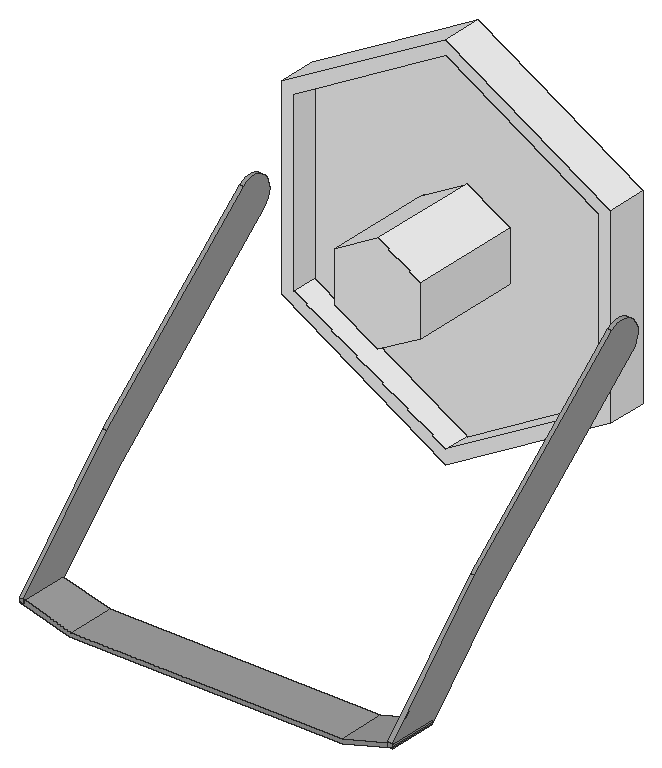
Revit family "Lighting-Floodlights-GEWISS-ESALITE-FL-LED_16K_DALI", category Apparecchi per illuminazione, host Superficie, Revit 2019 (continued)
Types (12, lengths in mm): name | Versions | Technical sheet | Optic | Numero poli | Nominal flux (lm) | built-in parameter 1150142 | Modello | Lumen output (lm) | IDT | File diagramma fotometrico | Descrizione | Colour temperature:
  GWS6435GD - ESALITE 16K ELL.4000K PRO+V.GR.DALI | "4000K natural light" | "https://www.gewiss.com/ww/en/search?q=GWS6435GD" | "Elliptical" | 1 | "17000" | "IESNA:LM-63-2002\r\n[TEST] GWS6435GD\r\n[TESTLAB] GEWISS\r\n[TESTDATE] 31 Aug 2018\r\n[ISSUEDATE] 31 Aug 2018\r\n[MANUFAC] GEWISS\r\n[LUMCAT] GWS6435GD\r\n[LUMINAIRE] ESALITE FL 16K+GLAS ELL. GR. DALI LED840\r\n[FLASHAREA] 0.030706\r\n[LAMPCAT] LED 125W/4000K - 13600lm\r\n[LAMP] LED 125W/4000K - 13600lm\r\nTILT=NONE\r\n1 13600.00 1.0 46 19 1 2 -0.402 -0.402 0.000\r\n1.00 1.00 125.00\r\n0.00 1.00 2.00 3.00 4.00 5.00 6.00 7.00 8.00 9.00 10.00 \r\n11.00 12.00 13.00 14.00 15.00 17.50 20.00 22.50 25.00 \r\n27.50 30.00 32.50 35.00 37.50 40.00 42.50 45.00 47.50 \r\n50.00 52.50 55.00 57.50 60.00 62.50 65.00 67.50 70.00 \r\n72.50 75.00 77.50 80.00 82.50 85.00 87.50 90.00 \r\n0.00 5.00 10.00 15.00 20.00 25.00 30.00 35.00 40.00 45.00 \r\n50.00 55.00 60.00 65.00 70.00 75.00 80.00 85.00 90.00 \r\n5423.27 5420.28 5423.14 5441.63 5490.05 5600.89 5782.86 \r\n6013.10 6233.42 6412.54 6496.58 6491.01 6471.29 6471.42 \r\n6481.35 6515.49 6640.47 6793.74 6995.57 7257.10 7653.67 \r\n8125.59 8189.51 8125.32 8106.69 8093.77 8070.65 7873.58 \r\n7274.23 6169.23 4664.39 3056.74 1753.58 1130.89 1149.92 \r\n1432.22 1228.37 698.73 463.65 366.34 274.42 208.90 149.49 \r\n85.74 29.74 1.97 \r\n5423.27 5423.95 5426.13 5443.13 5491.00 5599.26 5778.10 \r\n6006.98 6226.49 6407.50 6491.55 6487.20 6468.02 6463.67 \r\n6476.46 6510.73 6635.44 6795.92 6992.58 7254.24 7640.48 \r\n8095.26 8171.42 8130.22 8118.79 8118.93 8107.64 7936.69 \r\n7350.39 6222.27 4698.39 3066.53 1735.36 1119.18 1139.72 \r\n1419.43 1213.50 682.50 433.66 325.75 244.84 186.47 124.11 \r\n66.16 23.37 1.95 \r\n5423.27 5424.63 5424.77 5440.41 5487.46 5590.82 5764.77 \r\n5990.94 6212.07 6393.90 6485.70 6486.93 6466.12 6461.09 \r\n6474.55 6506.51 6635.71 6801.50 7013.52 7283.75 7648.23 \r\n8059.77 8174.01 8185.70 8199.44 8216.03 8220.79 8077.45 \r\n7517.26 6377.45 4839.97 3179.82 1792.89 1131.85 1130.68 \r\n1415.62 1199.62 668.60 419.55 312.23 233.97 169.97 111.13 \r\n61.60 22.58 1.93 \r\n5423.27 5423.14 5424.63 5436.74 5480.80 5578.86 5745.86 \r\n5965.50 6185.01 6376.22 6477.95 6488.15 6467.62 6461.22 \r\n6472.78 6507.60 6643.33 6825.02 7054.46 7338.02 7674.89 \r\n8045.08 8218.48 8287.98 8328.23 8349.99 8316.40 8145.45 \r\n7623.07 6567.17 5131.55 3558.03 2136.42 1268.57 1129.45 \r\n1398.35 1187.43 663.88 417.04 311.54 235.36 173.89 121.60 \r\n63.36 23.19 1.92 \r\n5423.27 5420.42 5422.59 5432.52 5471.69 5561.31 5717.30 \r\n5929.46 6147.34 6348.89 6471.97 6494.68 6474.55 6468.16 \r\n6477.95 6513.58 6655.16 6851.14 7097.02 7404.52 7732.82 \r\n8063.30 8277.78 8374.74 8391.34 8336.80 8165.44 7841.76 \r\n7335.02 6500.12 5321.14 3927.41 2550.95 1475.06 1111.84 \r\n1320.67 1169.87 648.75 403.05 307.92 229.79 170.69 117.89 \r\n70.47 27.61 1.89 \r\n5423.27 5422.59 5423.95 5433.34 5466.79 5547.44 5693.10 \r\n5895.74 6110.62 6319.78 6465.98 6513.04 6500.80 6490.06 \r\n6498.62 6533.58 6684.26 6895.61 7155.50 7474.70 7790.76 \r\n8050.93 8216.30 8213.04 8057.05 7760.43 7295.31 6691.74 \r\n6018.41 5305.50 4420.14 3316.50 2192.73 1318.66 972.51 \r\n1144.07 1086.11 609.85 390.10 298.45 218.21 149.97 97.45 \r\n61.22 29.00 1.85 \r\n5423.27 5423.95 5426.13 5434.02 5460.54 5529.62 5658.96 \r\n5847.86 6057.71 6275.99 6446.26 6526.91 6526.37 6516.30 \r\n6519.30 6549.62 6695.55 6906.62 7159.45 7438.11 7653.26 \r\n7726.98 7643.74 7329.31 6807.89 6131.97 5334.60 4500.51 \r\n3697.98 2984.38 2392.10 1850.69 1373.33 1027.74 852.30 \r\n920.48 900.61 542.14 370.87 282.00 203.55 135.88 88.63 \r\n54.76 22.53 1.82 \r\n5423.27 5423.95 5424.77 5428.98 5452.51 5510.99 5624.42 \r\n5797.82 6000.59 6221.86 6415.26 6533.58 6555.47 6543.91 \r\n6541.06 6563.77 6695.69 6884.86 7070.50 7192.36 7141.77 \r\n6851.41 6350.79 5617.48 4738.10 3837.51 2998.39 2306.56 \r\n1823.08 1532.99 1391.96 1320.72 1228.03 1069.38 874.94 \r\n750.54 669.87 478.53 349.86 269.28 195.84 139.59 90.92 \r\n53.91 21.59 1.74 \r\n5423.27 5421.78 5424.63 5425.99 5444.49 5494.81 5588.38 \r\n5742.33 5930.82 6148.42 6360.31 6511.41 6568.94 6564.18 \r\n6552.89 6567.85 6665.09 6776.47 6791.43 6616.13 6173.04 \r\n5440.00 4555.73 3600.19 2730.88 2076.86 1654.58 1445.14 \r\n1384.62 1379.58 1382.44 1375.37 1335.66 1206.25 985.66 \r\n741.85 558.27 435.06 340.71 268.27 200.37 151.25 101.35 \r\n53.86 20.68 1.66 \r\n5423.27 5424.63 5424.63 5427.49 5441.77 5483.25 5562.40 \r\n5689.56 5862.28 6070.09 6290.68 6476.18 6579.68 6599.67 \r\n6581.72 6576.01 6603.75 6563.63 6305.64 5750.08 4893.82 \r\n3854.92 2878.58 2150.57 1694.70 1463.50 1377.95 1380.13 \r\n1413.72 1442.28 1459.42 1460.10 1446.63 1365.98 1169.68 \r\n914.60 656.02 472.75 359.19 276.01 206.12 154.29 106.65 \r\n55.84 19.92 1.58 \r\n5423.27 5423.27 5421.78 5423.95 5434.56 5465.84 5528.94 \r\n5629.58 5773.61 5962.92 6175.76 6385.74 6532.49 6596.41 \r\n6585.66 6556.56 6471.29 6212.07 5627.14 4694.86 3570.00 \r\n2528.51 1866.46 1536.26 1399.44 1372.65 1379.72 1405.97 \r\n1450.03 1487.57 1505.93 1511.64 1505.93 1476.42 1389.92 \r\n1245.77 948.53 606.25 401.65 292.55 213.74 154.22 100.60 \r\n53.83 20.21 1.49 \r\n5423.27 5423.95 5423.95 5424.63 5434.56 5462.30 5512.62 \r\n5590.14 5705.20 5867.99 6066.14 6282.11 6463.40 6581.31 \r\n6600.49 6553.70 6306.73 5781.77 4873.15 3665.34 2517.77 \r\n1793.43 1484.98 1381.90 1372.65 1388.97 1402.43 1424.46 \r\n1460.78 1493.55 1501.30 1494.10 1488.52 1497.63 1553.53 \r\n1603.71 1273.12 769.71 473.74 329.60 235.89 175.71 111.14 \r\n58.64 21.02 1.40 \r\n5423.27 5421.10 5422.59 5422.59 5431.84 5453.19 5490.18 \r\n5549.34 5633.26 5759.33 5928.78 6137.54 6334.88 6499.44 \r\n6571.11 6521.06 6093.75 5296.79 4132.63 2812.34 1880.61 \r\n1525.78 1396.99 1371.42 1387.06 1405.56 1414.13 1419.16 \r\n1436.16 1451.80 1447.45 1425.42 1409.78 1453.70 1618.40 \r\n1811.38 1452.89 844.75 513.86 354.92 251.26 178.38 116.79 \r\n61.94 22.40 1.33 \r\n5423.27 5421.78 5423.27 5424.63 5435.38 5456.73 5491.54 \r\n5534.93 5595.45 5684.39 5813.32 5990.53 6185.55 6372.01 \r\n6485.84 6475.78 5905.26 4843.64 3493.98 2209.59 1599.50 \r\n1479.95 1403.93 1388.15 1401.75 1416.71 1416.58 1405.97 \r\n1401.07 1402.57 1391.82 1374.69 1368.30 1426.64 1646.01 \r\n1897.61 1499.13 857.98 537.76 364.30 248.72 181.71 118.06 \r\n61.79 22.34 1.32 \r\n5423.27 5420.42 5421.10 5422.46 5433.88 5453.87 5484.61 \r\n5516.70 5557.37 5611.63 5696.50 5824.88 5987.54 6163.93 \r\n6298.84 6324.68 5706.56 4433.19 2986.70 1851.10 1524.56 \r\n1528.78 1441.06 1410.46 1416.85 1423.92 1415.49 1394.00 \r\n1375.37 1371.83 1371.97 1368.43 1370.47 1438.47 1697.28 \r\n1987.10 1549.18 897.00 584.77 389.91 252.55 173.28 111.28 \r\n60.38 23.03 1.30 \r\n5423.27 5420.42 5421.10 5420.42 5433.20 5453.19 5478.76 \r\n5505.69 5532.75 5563.22 5606.60 5677.59 5777.14 5906.48 \r\n6020.72 6059.75 5496.03 4101.22 2623.58 1670.22 1538.43 \r\n1609.70 1480.90 1426.10 1422.56 1423.92 1412.63 1386.93 \r\n1361.36 1358.57 1372.10 1379.86 1385.57 1459.14 1744.61 \r\n2059.86 1619.35 974.18 664.59 429.42 276.28 175.25 118.63 \r\n61.55 23.85 1.34 \r\n5423.27 5423.27 5422.46 5423.95 5438.78 5460.13 5487.06 \r\n5512.62 5534.66 5555.33 5574.50 5602.11 5639.10 5697.99 \r\n5754.84 5766.81 5288.22 3934.07 2460.65 1619.90 1604.94 \r\n1707.07 1519.66 1450.85 1441.60 1434.53 1419.57 1394.00 \r\n1366.39 1360.68 1379.86 1395.50 1404.74 1487.02 1792.89 \r\n2123.78 1679.33 1060.23 788.00 533.07 335.04 193.35 \r\n117.18 59.35 23.20 1.38 \r\n5423.27 5421.10 5421.10 5423.27 5436.87 5461.22 5484.88 \r\n5511.26 5531.94 5548.39 5555.46 5556.82 5555.19 5544.45 \r\n5526.22 5482.30 5075.38 3938.29 2431.27 1612.69 1671.58 \r\n1796.70 1556.25 1469.62 1458.19 1440.10 1417.94 1392.78 \r\n1372.92 1365.85 1378.63 1397.26 1412.90 1505.38 1829.74 \r\n2162.94 1752.50 1167.82 887.25 705.31 469.59 242.09 \r\n100.13 56.58 21.81 1.45 \r\n5423.27 5418.92 5418.92 5421.78 5434.56 5457.41 5483.11 \r\n5507.32 5525.82 5540.10 5547.30 5542.95 5525.95 5488.96 \r\n5430.62 5348.06 4962.23 3949.44 2410.19 1601.67 1692.66 \r\n1823.76 1561.55 1470.43 1456.15 1433.44 1409.23 1383.53 \r\n1369.25 1365.03 1374.96 1389.24 1411.95 1510.69 1841.03 \r\n2171.78 1775.48 1227.47 950.49 799.75 561.67 244.20 96.54 \r\n56.79 21.53 1.44 \r\n" | "GWS6435GD" | "13600" | "578a95abf1124d718b9f1e79c60c53f1" | "GWS6435GD.IES" | "ESALITE 16K ELL.4000K PRO+V.GR.DALI" | "4000 K (CRI>80)"
  GWS6435GD30K - ESALITE 16K ELL.3000K PRO+V.GR.DALI | "3000K warm light" | "https://www.gewiss.com/ww/en/search?q=GWS6435GD30K" | "Elliptical" | 1 | "16000" | "IESNA:LM-63-2002\r\n[TEST] GWS6435GD30K\r\n[TESTLAB] GEWISS\r\n[TESTDATE] 31 Aug 2018\r\n[ISSUEDATE] 31 Aug 2018\r\n[MANUFAC] GEWISS\r\n[LUMCAT] GWS6435GD30K\r\n[LUMINAIRE] ESALITE FL 16K+GLAS ELL. GR. DALI LED830\r\n[FLASHAREA] 0.030706\r\n[LAMPCAT] LED 125W/3000K - 12600lm\r\n[LAMP] LED 125W/3000K - 12600lm\r\nTILT=NONE\r\n1 12600.00 1.0 46 19 1 2 -0.402 -0.402 0.000\r\n1.00 1.00 125.00\r\n0.00 1.00 2.00 3.00 4.00 5.00 6.00 7.00 8.00 9.00 10.00 \r\n11.00 12.00 13.00 14.00 15.00 17.50 20.00 22.50 25.00 \r\n27.50 30.00 32.50 35.00 37.50 40.00 42.50 45.00 47.50 \r\n50.00 52.50 55.00 57.50 60.00 62.50 65.00 67.50 70.00 \r\n72.50 75.00 77.50 80.00 82.50 85.00 87.50 90.00 \r\n0.00 5.00 10.00 15.00 20.00 25.00 30.00 35.00 40.00 45.00 \r\n50.00 55.00 60.00 65.00 70.00 75.00 80.00 85.00 90.00 \r\n5024.50 5021.73 5024.38 5041.51 5086.37 5189.06 5357.65 \r\n5570.96 5775.08 5941.03 6018.89 6013.73 5995.46 5995.58 \r\n6004.78 6036.41 6152.20 6294.20 6481.19 6723.49 7090.90 \r\n7528.12 7587.34 7527.87 7510.61 7498.64 7477.22 7294.64 \r\n6739.36 5715.61 4321.42 2831.98 1624.64 1047.74 1065.37 \r\n1326.91 1138.04 647.35 429.56 339.41 254.24 193.54 138.50 \r\n79.43 27.55 1.82 \r\n5024.50 5025.13 5027.15 5042.90 5087.25 5187.55 5353.24 \r\n5565.29 5768.66 5936.36 6014.23 6010.20 5992.43 5988.40 \r\n6000.25 6032.00 6147.54 6296.22 6478.42 6720.84 7078.68 \r\n7500.02 7570.58 7532.41 7521.82 7521.95 7511.49 7353.11 \r\n6809.92 5764.75 4352.92 2841.05 1607.76 1036.89 1055.92 \r\n1315.06 1124.27 632.32 401.78 301.80 226.84 172.76 114.99 \r\n61.29 21.65 1.81 \r\n5024.50 5025.76 5025.89 5040.38 5083.97 5179.73 5340.89 \r\n5550.43 5755.30 5923.76 6008.81 6009.95 5990.67 5986.01 \r\n5998.48 6028.09 6147.79 6301.39 6497.82 6748.18 7085.86 \r\n7467.14 7572.98 7583.81 7596.54 7611.91 7616.32 7483.52 \r\n6964.52 5908.52 4484.09 2946.01 1661.06 1048.62 1047.54 \r\n1311.53 1111.41 619.44 388.70 289.27 216.77 157.47 102.96 \r\n57.07 20.92 1.79 \r\n5024.50 5024.38 5025.76 5036.98 5077.80 5168.65 5323.37 \r\n5526.86 5730.23 5907.38 6001.63 6011.08 5992.06 5986.13 \r\n5996.84 6029.10 6154.85 6323.18 6535.75 6798.46 7110.56 \r\n7453.53 7614.18 7678.57 7715.86 7736.02 7704.90 7546.52 \r\n7062.55 6084.29 4754.23 3296.41 1979.33 1175.29 1046.40 \r\n1295.53 1100.12 615.07 386.38 288.63 218.06 161.10 112.66 \r\n58.70 21.49 1.78 \r\n5024.50 5021.86 5023.87 5033.07 5069.36 5152.39 5296.91 \r\n5493.47 5695.33 5882.06 5996.09 6017.13 5998.48 5992.56 \r\n6001.63 6034.64 6165.81 6347.38 6575.18 6860.07 7164.23 \r\n7470.41 7669.12 7758.95 7774.33 7723.80 7565.04 7265.16 \r\n6795.68 6022.17 4929.88 3638.63 2363.38 1366.60 1030.09 \r\n1223.56 1083.85 601.05 373.41 285.28 212.89 158.14 109.22 \r\n65.29 25.58 1.75 \r\n5024.50 5023.87 5025.13 5033.83 5064.82 5139.54 5274.49 \r\n5462.23 5661.31 5855.09 5990.54 6034.14 6022.80 6012.85 \r\n6020.78 6053.17 6192.77 6388.58 6629.36 6925.09 7217.91 \r\n7458.95 7612.16 7609.14 7464.62 7189.81 6758.89 6199.70 \r\n5575.88 4915.39 4095.13 3072.64 2031.50 1221.70 901.00 \r\n1059.95 1006.25 565.01 361.42 276.51 202.17 138.94 90.29 \r\n56.72 26.87 1.72 \r\n5024.50 5025.13 5027.15 5034.46 5059.03 5123.03 5242.86 \r\n5417.87 5612.29 5814.52 5972.27 6046.99 6046.49 6037.16 \r\n6039.94 6068.03 6203.23 6398.78 6633.02 6891.19 7090.52 \r\n7158.82 7081.70 6790.39 6307.31 5681.09 4942.35 4169.59 \r\n3426.07 2764.94 2216.21 1714.61 1272.35 952.17 789.63 \r\n852.79 834.38 502.27 343.60 261.26 188.58 125.89 82.12 \r\n50.73 20.87 1.68 \r\n5024.50 5025.13 5025.89 5029.79 5051.59 5105.77 5210.86 \r\n5371.51 5559.37 5764.37 5943.55 6053.17 6073.45 6062.74 \r\n6060.10 6081.14 6203.36 6378.62 6550.61 6663.51 6616.64 \r\n6347.63 5883.82 5204.43 4389.71 3555.34 2777.92 2136.96 \r\n1689.03 1420.27 1289.61 1223.61 1137.73 990.75 810.61 \r\n695.36 620.61 443.34 324.13 249.48 181.44 129.33 84.24 \r\n49.95 20.01 1.61 \r\n5024.50 5023.12 5025.76 5027.02 5044.16 5090.78 5177.47 \r\n5320.10 5494.73 5696.33 5892.64 6032.63 6085.93 6081.52 \r\n6071.06 6084.92 6175.01 6278.20 6292.06 6129.65 5719.14 \r\n5040.00 4220.75 3335.47 2530.08 1924.15 1532.92 1338.88 \r\n1282.81 1278.14 1280.79 1274.24 1237.45 1117.56 913.18 \r\n687.30 517.22 403.07 315.66 248.55 185.64 140.12 93.89 \r\n49.90 19.16 1.54 \r\n5024.50 5025.76 5025.76 5028.41 5041.64 5080.07 5153.40 \r\n5271.21 5431.23 5623.76 5828.13 5999.99 6095.88 6114.40 \r\n6097.77 6092.48 6118.18 6081.01 5841.99 5327.28 4533.98 \r\n3571.47 2666.92 1992.44 1570.09 1355.89 1276.63 1278.65 \r\n1309.77 1336.23 1352.11 1352.74 1340.26 1265.54 1083.68 \r\n847.35 607.79 437.99 332.78 255.72 190.97 142.95 98.80 \r\n51.74 18.46 1.46 \r\n5024.50 5024.50 5023.12 5025.13 5034.96 5063.94 5122.40 \r\n5215.64 5349.08 5524.47 5721.66 5916.20 6052.16 6111.38 \r\n6101.42 6074.46 5995.46 5755.30 5213.38 4349.65 3307.50 \r\n2342.59 1729.22 1423.30 1296.54 1271.72 1278.27 1302.59 \r\n1343.41 1378.19 1395.20 1400.49 1395.20 1367.86 1287.72 \r\n1154.17 878.79 561.67 372.12 271.04 198.02 142.88 93.20 \r\n49.88 18.72 1.38 \r\n5024.50 5025.13 5025.13 5025.76 5034.96 5060.66 5107.28 \r\n5179.10 5285.70 5436.52 5620.10 5820.19 5988.15 6097.39 \r\n6115.16 6071.81 5843.00 5356.64 4514.83 3395.83 2332.64 \r\n1661.56 1375.79 1280.29 1271.72 1286.84 1299.31 1319.72 \r\n1353.37 1383.73 1390.91 1384.24 1379.07 1387.51 1439.30 \r\n1485.79 1179.51 713.11 438.91 305.36 218.55 162.79 102.96 \r\n54.32 19.47 1.30 \r\n5024.50 5022.49 5023.87 5023.87 5032.44 5052.22 5086.49 \r\n5141.30 5219.05 5335.85 5492.84 5686.25 5869.08 6021.54 \r\n6087.94 6041.57 5645.68 4907.32 3828.76 2605.55 1742.33 \r\n1413.59 1294.27 1270.58 1285.07 1302.21 1310.15 1314.81 \r\n1330.56 1345.05 1341.02 1320.61 1306.12 1346.81 1499.40 \r\n1678.19 1346.06 782.64 476.08 328.82 232.79 165.26 108.20 \r\n57.38 20.75 1.23 \r\n5024.50 5023.12 5024.50 5025.76 5035.72 5055.50 5087.75 \r\n5127.95 5184.02 5266.42 5385.87 5550.05 5730.73 5903.48 \r\n6008.94 5999.62 5471.05 4487.49 3237.07 2047.12 1481.89 \r\n1371.13 1300.70 1286.08 1298.68 1312.54 1312.42 1302.59 \r\n1298.05 1299.44 1289.48 1273.61 1267.69 1321.74 1524.98 \r\n1758.08 1388.90 794.90 498.22 337.52 230.43 168.35 109.38 \r\n57.25 20.70 1.22 \r\n5024.50 5021.86 5022.49 5023.75 5034.33 5052.85 5081.33 \r\n5111.06 5148.74 5199.01 5277.64 5396.58 5547.28 5710.70 \r\n5835.69 5859.63 5286.96 4107.22 2767.09 1714.99 1412.46 \r\n1416.37 1335.10 1306.75 1312.67 1319.22 1311.41 1291.50 \r\n1274.24 1270.96 1271.09 1267.81 1269.70 1332.70 1572.48 \r\n1840.99 1435.27 831.05 541.77 361.24 233.98 160.54 103.10 \r\n55.94 21.33 1.21 \r\n5024.50 5021.86 5022.49 5021.86 5033.70 5052.22 5075.91 \r\n5100.86 5125.93 5154.16 5194.35 5260.12 5352.35 5472.18 \r\n5578.02 5614.18 5091.91 3799.66 2430.67 1547.41 1425.31 \r\n1491.34 1372.01 1321.24 1317.96 1319.22 1308.76 1284.95 \r\n1261.26 1258.68 1271.21 1278.40 1283.69 1351.85 1616.33 \r\n1908.40 1500.28 902.55 615.72 397.84 255.97 162.36 109.91 \r\n57.03 22.09 1.24 \r\n5024.50 5024.50 5023.75 5025.13 5038.87 5058.65 5083.60 \r\n5107.28 5127.70 5146.85 5164.61 5190.19 5224.46 5279.02 \r\n5331.69 5342.78 4899.38 3644.80 2279.72 1500.79 1486.93 \r\n1581.55 1407.92 1344.17 1335.60 1329.05 1315.19 1291.50 \r\n1265.92 1260.63 1278.40 1292.89 1301.45 1377.68 1661.06 \r\n1967.62 1555.85 982.27 730.06 493.87 310.40 179.13 108.56 \r\n54.99 21.49 1.28 \r\n5024.50 5022.49 5022.49 5024.50 5037.10 5059.66 5081.58 \r\n5106.02 5125.18 5140.42 5146.97 5148.23 5146.72 5136.77 \r\n5119.88 5079.19 4702.19 3648.71 2252.50 1494.11 1548.67 \r\n1664.59 1441.82 1361.56 1350.97 1334.21 1313.68 1290.37 \r\n1271.97 1265.42 1277.26 1294.52 1309.01 1394.69 1695.20 \r\n2003.90 1623.64 1081.95 822.01 653.45 435.07 224.29 92.76 \r\n52.42 20.20 1.34 \r\n5024.50 5020.47 5020.47 5023.12 5034.96 5056.13 5079.94 \r\n5102.37 5119.51 5132.74 5139.41 5135.38 5119.63 5085.36 \r\n5031.31 4954.82 4597.36 3659.04 2232.97 1483.90 1568.20 \r\n1689.66 1446.73 1362.31 1349.08 1328.04 1305.61 1281.80 \r\n1268.57 1264.66 1273.86 1287.09 1308.13 1399.61 1705.66 \r\n2012.09 1644.93 1137.21 880.60 740.94 520.37 226.25 89.44 \r\n52.61 19.95 1.33 \r\n" | "GWS6435GD30K" | "12600" | "394a6346608048bb81d3bca697cc8302" | "GWS6435GD30K.IES" | "ESALITE 16K ELL.3000K PRO+V.GR.DALI" | "3000 K (CRI>80)"
